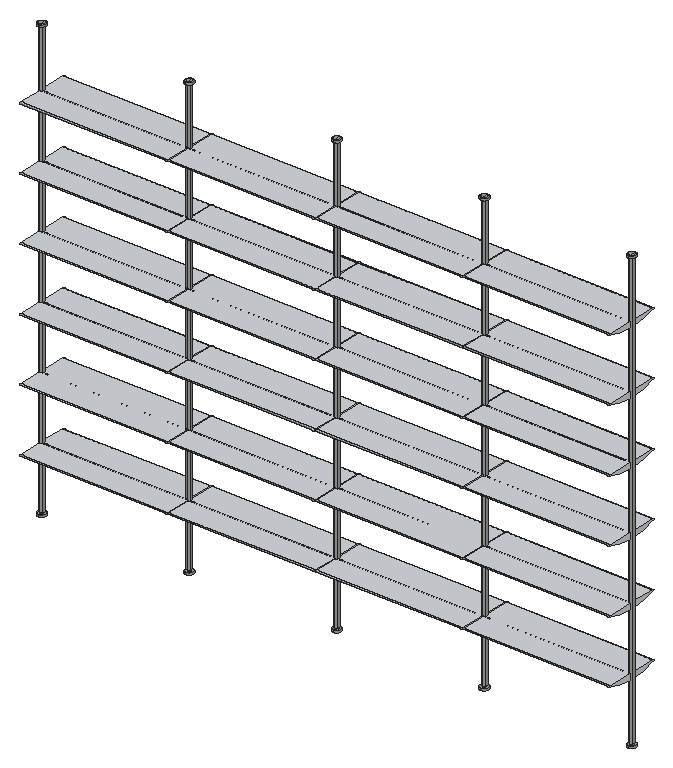
Revit family "Sailor_Composizione_3", category Arredi, Revit 2017
Family settings
  Numero OmniClass = 23.40.20.00
  Titolo OmniClass = General Furniture and Specialties
  Basato su piano di lavoro = No
  Sempre verticale = Sì
  Taglio con vuoti quando caricato = No
  Condiviso = No
  Punto di calcolo locali = No
Parameters
  VisibModulo4 = yes
  VisibModulo3 = yes
  VisibModulo2 = yes
  URL = "www.livingdivani.it"
  Produttore = "Living Divani"
  Modello = "Sailor"
  Lunghezza Modulo 3 = 900 mm
  Lunghezza Modulo 2 = 900 mm
  Lunghezza Modulo 4 = 900 mm
  Lunghezza Modulo 1 = 900 mm
Reference planes
  plane 1 "Centro (Fronte/Retro)": y = 0
  plane 2: z = 0
  plane 3 "Centro (Sinistra/Destra)": x = 0
Dimensions and locks
  aligned and locked: level to plane 2
  aligned and locked: nested 2 to nested 1
  aligned and locked: nested 3 to nested 2
  aligned and locked: nested 2 to nested 3
  aligned and locked: nested 4 to nested 3
  aligned and locked: nested 3 to nested 4
Nested families
  nested 1: "Sailor_Modulo_Base" at (0, 0, 0), LunghezzaRipiano <- "Lunghezza Modulo 1", type "Primo Modulo"
    with VisibRipiano6 yes, VisibRipiano5 yes, VisibRipiano4 yes, VisibRipiano3 yes, VisibRipiano2 yes, VisibRipiano1 yes, LunghezzaRipiano 900 mm
  nested 2: "Sailor_Modulo_Base" at (900, 0, 0), LunghezzaRipiano <- "Lunghezza Modulo 2", visible <- "VisibModulo2", type "Secondo Modulo"
    with VisibRipiano6 yes, VisibRipiano5 yes, VisibRipiano4 yes, VisibRipiano3 yes, VisibRipiano2 yes, VisibRipiano1 yes, LunghezzaRipiano 900 mm, PrimaAsta no
  nested 3: "Sailor_Modulo_Base" at (1800, 0, 0), LunghezzaRipiano <- "Lunghezza Modulo 3", visible <- "VisibModulo3", type "Terzo Modulo"
    with VisibRipiano6 yes, VisibRipiano5 yes, VisibRipiano4 yes, VisibRipiano3 yes, VisibRipiano2 yes, VisibRipiano1 yes, LunghezzaRipiano 900 mm, PrimaAsta no
  nested 4: "Sailor_Modulo_Base" at (2700, 0, 0), LunghezzaRipiano <- "Lunghezza Modulo 4", visible <- "VisibModulo4", type "Quarto Modulo"
    with VisibRipiano6 yes, VisibRipiano5 yes, VisibRipiano4 yes, VisibRipiano3 yes, VisibRipiano2 yes, VisibRipiano1 yes, LunghezzaRipiano 900 mm, PrimaAsta no
Definition of nested family "Sailor_Modulo_Base"
  Parameters (values of type "Sailor_Modulo_Base")
    VisibRipiano6 [instance] = yes
    VisibRipiano5 [instance] = yes
    VisibRipiano4 [instance] = yes
    VisibRipiano3 [instance] = yes
    VisibRipiano1 [instance] = yes
    VisibRipiano2 [instance] = yes
    Ripiano = none
    PrimaAsta = yes
    Aste = none
    LunghezzaRipiano [instance] = 750 mm
  Reference planes
    plane 1 "Centro (Fronte/Retro)": y = 0
    plane 2: z = 0
    plane 3 "Centro (Sinistra/Destra)": x = 0
    plane 4: y = 0
    plane 5 "Lunghezza Ripiano": x = 750
    plane 6 "primo ripiano": z = 383
    plane 7: y = 0
    plane 8: y = 0
    plane 9: y = 0
    plane 10: y = 0
    plane 11: y = 0
  Forms (mm)
    Extrusion 1, solid, material <- "Aste", visible <- "PrimaAsta"
      sketch origin (0, 0, 0) x (1, 0, 0) y (0, 1, 0)
        loop
          line (12.5, 7.217) -> (0, 14.434) -> (-12.5, 7.217) -> (-12.5, -7.217) -> (0, -14.434) -> (12.5, -7.217) -> (12.5, 7.217)
      from 20 to 2670
    Revolve 2, solid, material <- "Aste", visible <- "PrimaAsta"
      sketch origin (0, 0, 0) x (0, 1, 0) y (0, 0, 1)
        loop
          line (0, 20) -> (0, 0) -> (19, 0) -> (20.125, 2.25) -> (25, 2.25) -> (25, 9.915) -> (7.761, 9.915) -> (6.996, 12.974) -> (5, 12.974) -> (5, 14.189) -> (7.229, 20) -> (0, 20)
        axis (0, 0) -> (0, 20)
      angle from 0 to 360
    Revolve 3, solid, material <- "Aste", visible <- "PrimaAsta"
      sketch origin (0, 0, 2690) x (0, 1, 0) y (0, 0, -1)
        loop
          line (0, 20) -> (0, 0) -> (19, 0) -> (20.125, 2.25) -> (25, 2.25) -> (25, 9.915) -> (7.761, 9.915) -> (6.996, 12.974) -> (5, 12.974) -> (5, 14.189) -> (7.229, 20) -> (0, 20)
        axis (0, 0) -> (0, 20)
      angle from 0 to 360
    Extrusion 4, solid, material <- "Ripiano", visible <- "VisibRipiano1"
      sketch origin (0, -315.449, -968.719) x (0, 1, 0) y (0, 0, 1)
        loop
          arc (153.449, 1369.219) -> (150.496, 1366.748) -> (152.408, 1363.405) r 3
          arc (152.408, 1363.405) -> (315.449, 1334.219) -> (478.489, 1363.405) r 469.983
          arc (478.489, 1363.405) -> (480.402, 1366.748) -> (477.449, 1369.219) r 3
          line (477.449, 1369.219) -> (153.449, 1369.219)
        loop
          circle (315.449, 1351.719) r 8
      from 0 to 750 <- "LunghezzaRipiano"
    Extrusion 5, solid, visible <- "PrimaAsta", not visible
      sketch origin (0, 0, 0) x (1, 0, 0) y (0, 1, 0)
        loop
          line (12.5, 7.217) -> (0, 14.434) -> (-12.5, 7.217) -> (-12.5, -7.217) -> (0, -14.434) -> (12.5, -7.217) -> (12.5, 7.217)
      from 20 to 2670
    Revolve 6, solid, visible <- "PrimaAsta", not visible
      sketch origin (0, 0, 0) x (0, 1, 0) y (0, 0, 1)
        loop
          line (0, 20) -> (0, 0) -> (19, 0) -> (20.125, 2.25) -> (25, 2.25) -> (25, 9.915) -> (7.761, 9.915) -> (6.996, 12.974) -> (5, 12.974) -> (5, 14.189) -> (7.229, 20) -> (0, 20)
        axis (0, 0) -> (0, 20)
      angle from 0 to 360
    Revolve 7, solid, visible <- "PrimaAsta", not visible
      sketch origin (0, 0, 2690) x (0, 1, 0) y (0, 0, -1)
        loop
          line (0, 20) -> (0, 0) -> (19, 0) -> (20.125, 2.25) -> (25, 2.25) -> (25, 9.915) -> (7.761, 9.915) -> (6.996, 12.974) -> (5, 12.974) -> (5, 14.189) -> (7.229, 20) -> (0, 20)
        axis (0, 0) -> (0, 20)
      angle from 0 to 360
    Revolve 8, solid, material <- "Aste"
      sketch origin (750, 0, 0) x (0, 1, 0) y (0, 0, 1)
        loop
          line (0, 20) -> (0, 0) -> (19, 0) -> (20.125, 2.25) -> (25, 2.25) -> (25, 9.915) -> (7.761, 9.915) -> (6.996, 12.974) -> (5, 12.974) -> (5, 14.189) -> (7.229, 20) -> (0, 20)
        axis (0, 0) -> (0, 20)
      angle from 0 to 360
    Revolve 9, solid, material <- "Aste"
      sketch origin (750, 0, 2690) x (0, 1, 0) y (0, 0, -1)
        loop
          line (0, 20) -> (0, 0) -> (19, 0) -> (20.125, 2.25) -> (25, 2.25) -> (25, 9.915) -> (7.761, 9.915) -> (6.996, 12.974) -> (5, 12.974) -> (5, 14.189) -> (7.229, 20) -> (0, 20)
        axis (0, 0) -> (0, 20)
      angle from 0 to 360
    Extrusion 10, solid, material <- "Ripiano", visible <- "VisibRipiano2"
      sketch origin (0, -315.449, -583.719) x (0, 1, 0) y (0, 0, 1)
        loop
          arc (153.449, 1369.219) -> (150.496, 1366.748) -> (152.408, 1363.405) r 3
          arc (152.408, 1363.405) -> (315.449, 1334.219) -> (478.489, 1363.405) r 469.983
          arc (478.489, 1363.405) -> (480.402, 1366.748) -> (477.449, 1369.219) r 3
          line (477.449, 1369.219) -> (153.449, 1369.219)
        loop
          circle (315.449, 1351.719) r 8
      from 0 to 750 <- "LunghezzaRipiano"
    Extrusion 11, solid, material <- "Ripiano", visible <- "VisibRipiano3"
      sketch origin (0, -315.449, -198.719) x (0, 1, 0) y (0, 0, 1)
        loop
          arc (153.449, 1369.219) -> (150.496, 1366.748) -> (152.408, 1363.405) r 3
          arc (152.408, 1363.405) -> (315.449, 1334.219) -> (478.489, 1363.405) r 469.983
          arc (478.489, 1363.405) -> (480.402, 1366.748) -> (477.449, 1369.219) r 3
          line (477.449, 1369.219) -> (153.449, 1369.219)
        loop
          circle (315.449, 1351.719) r 8
      from 0 to 750 <- "LunghezzaRipiano"
    Extrusion 12, solid, material <- "Ripiano", visible <- "VisibRipiano4"
      sketch origin (0, -315.449, 186.281) x (0, 1, 0) y (0, 0, 1)
        loop
          arc (153.449, 1369.219) -> (150.496, 1366.748) -> (152.408, 1363.405) r 3
          arc (152.408, 1363.405) -> (315.449, 1334.219) -> (478.489, 1363.405) r 469.983
          arc (478.489, 1363.405) -> (480.402, 1366.748) -> (477.449, 1369.219) r 3
          line (477.449, 1369.219) -> (153.449, 1369.219)
        loop
          circle (315.449, 1351.719) r 8
      from 0 to 750 <- "LunghezzaRipiano"
    Extrusion 13, solid, material <- "Ripiano", visible <- "VisibRipiano5"
      sketch origin (0, -315.449, 571.281) x (0, 1, 0) y (0, 0, 1)
        loop
          arc (153.449, 1369.219) -> (150.496, 1366.748) -> (152.408, 1363.405) r 3
          arc (152.408, 1363.405) -> (315.449, 1334.219) -> (478.489, 1363.405) r 469.983
          arc (478.489, 1363.405) -> (480.402, 1366.748) -> (477.449, 1369.219) r 3
          line (477.449, 1369.219) -> (153.449, 1369.219)
        loop
          circle (315.449, 1351.719) r 8
      from 0 to 750 <- "LunghezzaRipiano"
    Extrusion 14, solid, material <- "Ripiano", visible <- "VisibRipiano6"
      sketch origin (0, -315.449, 956.281) x (0, 1, 0) y (0, 0, 1)
        loop
          arc (153.449, 1369.219) -> (150.496, 1366.748) -> (152.408, 1363.405) r 3
          arc (152.408, 1363.405) -> (315.449, 1334.219) -> (478.489, 1363.405) r 469.983
          arc (478.489, 1363.405) -> (480.402, 1366.748) -> (477.449, 1369.219) r 3
          line (477.449, 1369.219) -> (153.449, 1369.219)
        loop
          circle (315.449, 1351.719) r 8
      from 0 to 750 <- "LunghezzaRipiano"
    Extrusion 15, solid, material <- "Aste"
      sketch origin (750, 0, 0) x (-1, 0, 0) y (0, -1, 0)
        loop
          line (12.5, -7.217) -> (12.5, 7.217) -> (0, 14.434) -> (-12.5, 7.217) -> (-12.5, -7.217) -> (0, -14.434) -> (12.5, -7.217)
      from 20 to 2670
    Extrusion 16, void
      sketch origin (-112.713, -21.581, 0) x (1, 0, 0) y (0, 1, 0)
        loop
          line (112.713, 36.015) -> (112.713, 7.147) -> (125.213, 14.364) -> (125.213, 28.798) -> (112.713, 36.015)
      from 361.476 to 406.494
    Extrusion 17, void
      sketch origin (862.713, -21.581, 0) x (-1, 0, 0) y (0, -1, 0)
        loop
          line (112.713, -36.015) -> (125.213, -28.798) -> (125.213, -14.364) -> (112.713, -7.147) -> (112.713, -36.015)
      from 361.476 to 406.494
    Extrusion 18, void
      sketch origin (-112.713, -21.581, 385.443) x (0, -1, 0) y (1, 0, 0)
        loop
          line (-36.015, 112.713) -> (-7.147, 112.713) -> (-14.364, 125.213) -> (-28.798, 125.213) -> (-36.015, 112.713)
      from 361.476 to 406.494
    Extrusion 19, void
      sketch origin (862.713, -21.581, 385.443) x (0, 1, 0) y (-1, 0, 0)
        loop
          line (36.015, 112.713) -> (28.798, 125.213) -> (14.364, 125.213) -> (7.147, 112.713) -> (36.015, 112.713)
      from 361.476 to 406.494
    Extrusion 20, void
      sketch origin (-112.713, -21.581, 770.443) x (0, -1, 0) y (1, 0, 0)
        loop
          line (-36.015, 112.713) -> (-7.147, 112.713) -> (-14.364, 125.213) -> (-28.798, 125.213) -> (-36.015, 112.713)
      from 361.476 to 406.494
    Extrusion 21, void
      sketch origin (862.713, -21.581, 770.443) x (0, 1, 0) y (-1, 0, 0)
        loop
          line (36.015, 112.713) -> (28.798, 125.213) -> (14.364, 125.213) -> (7.147, 112.713) -> (36.015, 112.713)
      from 361.476 to 406.494
    Extrusion 22, void
      sketch origin (-112.713, -21.581, 1155.443) x (0, -1, 0) y (1, 0, 0)
        loop
          line (-36.015, 112.713) -> (-7.147, 112.713) -> (-14.364, 125.213) -> (-28.798, 125.213) -> (-36.015, 112.713)
      from 361.476 to 406.494
    Extrusion 23, void
      sketch origin (862.713, -21.581, 1155.443) x (0, 1, 0) y (-1, 0, 0)
        loop
          line (36.015, 112.713) -> (28.798, 125.213) -> (14.364, 125.213) -> (7.147, 112.713) -> (36.015, 112.713)
      from 361.476 to 406.494
    Extrusion 24, void
      sketch origin (-112.713, -21.581, 1540.443) x (0, -1, 0) y (1, 0, 0)
        loop
          line (-36.015, 112.713) -> (-7.147, 112.713) -> (-14.364, 125.213) -> (-28.798, 125.213) -> (-36.015, 112.713)
      from 361.476 to 406.494
    Extrusion 25, void
      sketch origin (862.713, -21.581, 1540.443) x (0, 1, 0) y (-1, 0, 0)
        loop
          line (36.015, 112.713) -> (28.798, 125.213) -> (14.364, 125.213) -> (7.147, 112.713) -> (36.015, 112.713)
      from 361.476 to 406.494
    Extrusion 26, void
      sketch origin (-112.713, -21.581, 1925.443) x (0, -1, 0) y (1, 0, 0)
        loop
          line (-36.015, 112.713) -> (-7.147, 112.713) -> (-14.364, 125.213) -> (-28.798, 125.213) -> (-36.015, 112.713)
      from 361.476 to 406.494
    Extrusion 27, void
      sketch origin (862.713, -21.581, 1925.443) x (0, 1, 0) y (-1, 0, 0)
        loop
          line (36.015, 112.713) -> (28.798, 125.213) -> (14.364, 125.213) -> (7.147, 112.713) -> (36.015, 112.713)
      from 361.476 to 406.494
  Cuts and joins
    Extrusion 16, Extrusion 17, Extrusion 18, Extrusion 19 cuts Extrusion 4
    Extrusion 16, Extrusion 17, Extrusion 26, Extrusion 27 cuts Extrusion 14
    Extrusion 17 cuts Extrusion 1
    Extrusion 18, Extrusion 19, Extrusion 20 cuts Extrusion 10
    Extrusion 20, Extrusion 21, Extrusion 22 cuts Extrusion 11
    Extrusion 22, Extrusion 23, Extrusion 24 cuts Extrusion 12
    Extrusion 24, Extrusion 25, Extrusion 26 cuts Extrusion 13
  Dimensions and locks
    equal spacing: Extrusion 4 sketch curve, plane 4, Extrusion 4 sketch curve, locked at 165 each
    "LunghezzaRipiano": plane 3 "Centro (Sinistra/Destra)" to plane 5 "Lunghezza Ripiano"
    plane 6 "primo ripiano" to level = 383 mm
    equal spacing: Extrusion 10 sketch curve, plane 7, Extrusion 10 sketch curve, locked at 165 each
    Extrusion 10 to plane 6 "primo ripiano" = 385 mm
    equal spacing: Extrusion 11 sketch curve, plane 8, Extrusion 11 sketch curve, locked at 165 each
    equal spacing: Extrusion 12 sketch curve, plane 9, Extrusion 12 sketch curve, locked at 165 each
    equal spacing: Extrusion 13 sketch curve, plane 10, Extrusion 13 sketch curve, locked at 165 each
    equal spacing: Extrusion 14 sketch curve, plane 11, Extrusion 14 sketch curve, locked at 165 each
    aligned and locked: level to plane 2
    aligned and locked: Extrusion 1 to Revolve 2
    aligned and locked: Extrusion 1 to Revolve 3
    aligned and locked: plane 4 to plane 1 "Centro (Fronte/Retro)"
    aligned and locked: plane 5 "Lunghezza Ripiano" to Revolve 9
    aligned and locked: plane 6 "primo ripiano" to Extrusion 4
    aligned and locked: Extrusion 15 to plane 5 "Lunghezza Ripiano"
    aligned and locked: cut or joined group of Extrusion 14, Extrusion 16, Extrusion 17, Extrusion 26, Extrusion 27 to cut or joined group of Extrusion 4, Extrusion 16, Extrusion 17, Extrusion 18, Extrusion 19  (x2)
    aligned and locked: plane 5 "Lunghezza Ripiano" to Revolve 8
  Automatic sketch dimensions
    Extrusion 5 sketch curve to Extrusion 5 sketch curve = 7.217 mm  (x4)
    Revolve 6 sketch curve to Revolve 6 sketch curve = 1.996 mm
    Revolve 6 sketch curve to Revolve 6 sketch curve = 2.229 mm
    Revolve 6 sketch curve to Revolve 6 sketch curve = 0.765 mm
    Revolve 6 sketch curve to Revolve 6 sketch curve = 11.239 mm
    Revolve 6 sketch curve to Revolve 6 sketch curve = 1.125 mm
    Revolve 6 sketch curve to Revolve 6 sketch curve = 4.875 mm
    Revolve 6 sketch curve to Revolve 6 sketch curve = 3.059 mm
    Revolve 6 sketch curve to Revolve 6 sketch curve = 1.216 mm
    Revolve 6 sketch curve to Revolve 6 sketch curve = 5.811 mm
    Revolve 6 sketch curve to Revolve 6 sketch curve = 2780 mm
    Revolve 7 sketch curve to Revolve 7 sketch curve = 1.996 mm
    Revolve 7 sketch curve to Revolve 7 sketch curve = 2.229 mm
    Revolve 7 sketch curve to Revolve 7 sketch curve = 0.765 mm
    Revolve 7 sketch curve to Revolve 7 sketch curve = 11.239 mm
    Revolve 7 sketch curve to Revolve 7 sketch curve = 1.125 mm
    Revolve 7 sketch curve to Revolve 7 sketch curve = 4.875 mm
    Revolve 7 sketch curve to Revolve 7 sketch curve = 2.25 mm
    Revolve 7 sketch curve to Revolve 7 sketch curve = 9.915 mm
    Revolve 7 sketch curve to Revolve 7 sketch curve = 3.059 mm
    Revolve 7 sketch curve to Revolve 7 sketch curve = 1.216 mm
    Revolve 7 sketch curve to Revolve 7 sketch curve = 5.811 mm
    Revolve 7 sketch curve to Revolve 7 sketch curve = 0 mm  (x2)
    Extrusion 5 sketch curve to Extrusion 5 sketch curve = 12.5 mm  (x3)
    Extrusion 5 sketch curve to Extrusion 5 sketch curve = 14.434 mm
    Revolve 6 sketch curve to Revolve 6 sketch curve = 5 mm
    Revolve 6 sketch curve to Revolve 6 sketch curve = 2.25 mm
    Revolve 6 sketch curve to Revolve 6 sketch curve = 9.915 mm
    Revolve 6 sketch curve to Revolve 6 sketch curve = 0 mm  (x2)
    Revolve 7 sketch curve to Revolve 7 sketch curve = 5 mm
    Revolve 7 sketch curve to Revolve 7 sketch curve = 2780 mm
    Extrusion 1 sketch curve to plane 3 "Centro (Sinistra/Destra)" = 0 mm  (x2)
    Extrusion 1 sketch curve to plane 3 "Centro (Sinistra/Destra)" = 12.5 mm
    plane 3 "Centro (Sinistra/Destra)" to Extrusion 1 sketch curve = 12.5 mm
    plane 1 "Centro (Fronte/Retro)" to Extrusion 1 sketch curve = 14.434 mm
    plane 1 "Centro (Fronte/Retro)" to Extrusion 1 sketch curve = 7.217 mm  (x2)
    Extrusion 1 sketch curve to plane 1 "Centro (Fronte/Retro)" = 7.217 mm  (x2)
    Extrusion 1 sketch curve to Extrusion 1 sketch curve = 7.217 mm
    Revolve 2 sketch curve to level = 0 mm  (x2)
    Revolve 2 sketch curve to plane 1 "Centro (Fronte/Retro)" = 0 mm  (x2)
    Revolve 2 sketch curve to plane 1 "Centro (Fronte/Retro)" = 5 mm
    Revolve 2 sketch curve to Revolve 2 sketch curve = 1.996 mm
    Revolve 2 sketch curve to Revolve 2 sketch curve = 2.229 mm
    Revolve 2 sketch curve to Revolve 2 sketch curve = 0.765 mm
    Revolve 2 sketch curve to Revolve 2 sketch curve = 11.239 mm
    level to Revolve 2 sketch curve = 2.25 mm
    Revolve 2 sketch curve to Revolve 2 sketch curve = 1.125 mm
    Revolve 2 sketch curve to Revolve 2 sketch curve = 4.875 mm
    level to Revolve 2 sketch curve = 9.915 mm
    Revolve 2 sketch curve to Revolve 2 sketch curve = 3.059 mm
    Revolve 2 sketch curve to Revolve 2 sketch curve = 1.216 mm
    Revolve 2 sketch curve to Revolve 2 sketch curve = 5.811 mm
    plane 6 "primo ripiano" to Revolve 2 sketch curve = 2417 mm
    Revolve 3 sketch curve to plane 1 "Centro (Fronte/Retro)" = 0 mm  (x2)
    plane 1 "Centro (Fronte/Retro)" to Revolve 3 sketch curve = 5 mm
    Revolve 3 sketch curve to Revolve 3 sketch curve = 1.996 mm
    Revolve 3 sketch curve to Revolve 3 sketch curve = 2.229 mm
    Revolve 3 sketch curve to Revolve 3 sketch curve = 0.765 mm
    Revolve 3 sketch curve to Revolve 3 sketch curve = 11.239 mm
    Revolve 3 sketch curve to Revolve 3 sketch curve = 1.125 mm
    Revolve 3 sketch curve to Revolve 3 sketch curve = 4.875 mm
    Revolve 3 sketch curve to plane 6 "primo ripiano" = 2307 mm
    Revolve 3 sketch curve to Revolve 3 sketch curve = 2.25 mm
    Revolve 3 sketch curve to Revolve 3 sketch curve = 9.915 mm
    Revolve 3 sketch curve to Revolve 3 sketch curve = 3.059 mm
    Revolve 3 sketch curve to Revolve 3 sketch curve = 1.216 mm
    Revolve 3 sketch curve to Revolve 3 sketch curve = 5.811 mm
    Revolve 3 sketch curve to Revolve 3 sketch curve = 0 mm
    level to Revolve 3 sketch curve = 110 mm
    Extrusion 4 sketch curve to plane 1 "Centro (Fronte/Retro)" = 0 mm  (x2)
    Extrusion 4 sketch curve to plane 6 "primo ripiano" = 0 mm
    plane 6 "primo ripiano" to Extrusion 4 sketch curve = 17.5 mm
    plane 1 "Centro (Fronte/Retro)" to Extrusion 4 sketch curve = 162 mm
    Extrusion 4 sketch curve to plane 1 "Centro (Fronte/Retro)" = 162 mm
    Extrusion 4 sketch curve to Extrusion 4 sketch curve = 3 mm
    Extrusion 4 sketch curve to Extrusion 4 sketch curve = 452.483 mm
    Extrusion 4 sketch curve to Extrusion 4 sketch curve = 0 mm
    Revolve 8 sketch curve to level = 0 mm  (x2)
    Revolve 8 sketch curve to plane 1 "Centro (Fronte/Retro)" = 0 mm  (x2)
    Revolve 8 sketch curve to plane 1 "Centro (Fronte/Retro)" = 5 mm
    Revolve 8 sketch curve to Revolve 8 sketch curve = 1.996 mm
    Revolve 8 sketch curve to Revolve 8 sketch curve = 2.229 mm
    Revolve 8 sketch curve to Revolve 8 sketch curve = 0.765 mm
    Revolve 8 sketch curve to Revolve 8 sketch curve = 11.239 mm
    level to Revolve 8 sketch curve = 2.25 mm
    Revolve 8 sketch curve to Revolve 8 sketch curve = 1.125 mm
    Revolve 8 sketch curve to Revolve 8 sketch curve = 4.875 mm
    level to Revolve 8 sketch curve = 9.915 mm
    Revolve 8 sketch curve to Revolve 8 sketch curve = 3.059 mm
    Revolve 8 sketch curve to Revolve 8 sketch curve = 1.216 mm
    Revolve 8 sketch curve to Revolve 8 sketch curve = 5.811 mm
    plane 6 "primo ripiano" to Revolve 8 sketch curve = 2417 mm
    Revolve 9 sketch curve to plane 1 "Centro (Fronte/Retro)" = 0 mm  (x2)
    plane 1 "Centro (Fronte/Retro)" to Revolve 9 sketch curve = 5 mm
    Revolve 9 sketch curve to Revolve 9 sketch curve = 1.996 mm
    Revolve 9 sketch curve to Revolve 9 sketch curve = 2.229 mm
    Revolve 9 sketch curve to Revolve 9 sketch curve = 0.765 mm
    Revolve 9 sketch curve to Revolve 9 sketch curve = 11.239 mm
    Revolve 9 sketch curve to Revolve 9 sketch curve = 1.125 mm
    Revolve 9 sketch curve to Revolve 9 sketch curve = 4.875 mm
    Revolve 9 sketch curve to plane 6 "primo ripiano" = 2307 mm
    Revolve 9 sketch curve to Revolve 9 sketch curve = 2.25 mm
    Revolve 9 sketch curve to Revolve 9 sketch curve = 9.915 mm
    Revolve 9 sketch curve to Revolve 9 sketch curve = 3.059 mm
    Revolve 9 sketch curve to Revolve 9 sketch curve = 1.216 mm
    Revolve 9 sketch curve to Revolve 9 sketch curve = 5.811 mm
    Revolve 9 sketch curve to Revolve 9 sketch curve = 0 mm
    level to Revolve 9 sketch curve = 110 mm
    Extrusion 10 sketch curve to plane 1 "Centro (Fronte/Retro)" = 0 mm  (x2)
    plane 1 "Centro (Fronte/Retro)" to Extrusion 10 sketch curve = 162 mm
    Extrusion 10 sketch curve to plane 1 "Centro (Fronte/Retro)" = 162 mm
    plane 6 "primo ripiano" to Extrusion 10 sketch curve = 385 mm
    Extrusion 10 sketch curve to Extrusion 10 sketch curve = 14.5 mm
    Extrusion 10 sketch curve to Extrusion 10 sketch curve = 3 mm
    Extrusion 10 sketch curve to Extrusion 10 sketch curve = 452.483 mm
    Extrusion 10 sketch curve to Extrusion 10 sketch curve = 0 mm
    Extrusion 11 sketch curve to plane 1 "Centro (Fronte/Retro)" = 0 mm  (x2)
    plane 1 "Centro (Fronte/Retro)" to Extrusion 11 sketch curve = 162 mm
    Extrusion 11 sketch curve to plane 1 "Centro (Fronte/Retro)" = 162 mm
    plane 6 "primo ripiano" to Extrusion 11 sketch curve = 770 mm
    Extrusion 11 sketch curve to Extrusion 11 sketch curve = 14.5 mm
    Extrusion 11 sketch curve to Extrusion 11 sketch curve = 3 mm
    Extrusion 11 sketch curve to Extrusion 11 sketch curve = 452.483 mm
    Extrusion 11 sketch curve to Extrusion 11 sketch curve = 0 mm
    Extrusion 12 sketch curve to plane 1 "Centro (Fronte/Retro)" = 0 mm  (x2)
    plane 1 "Centro (Fronte/Retro)" to Extrusion 12 sketch curve = 162 mm
    Extrusion 12 sketch curve to plane 1 "Centro (Fronte/Retro)" = 162 mm
    plane 6 "primo ripiano" to Extrusion 12 sketch curve = 1155 mm
    Extrusion 12 sketch curve to Extrusion 12 sketch curve = 14.5 mm
    Extrusion 12 sketch curve to Extrusion 12 sketch curve = 3 mm
    Extrusion 12 sketch curve to Extrusion 12 sketch curve = 452.483 mm
    Extrusion 12 sketch curve to Extrusion 12 sketch curve = 0 mm
    Extrusion 13 sketch curve to plane 1 "Centro (Fronte/Retro)" = 0 mm  (x2)
    plane 1 "Centro (Fronte/Retro)" to Extrusion 13 sketch curve = 162 mm
    Extrusion 13 sketch curve to plane 1 "Centro (Fronte/Retro)" = 162 mm
    plane 6 "primo ripiano" to Extrusion 13 sketch curve = 1540 mm
    Extrusion 13 sketch curve to Extrusion 13 sketch curve = 14.5 mm
    Extrusion 13 sketch curve to Extrusion 13 sketch curve = 3 mm
    Extrusion 13 sketch curve to Extrusion 13 sketch curve = 452.483 mm
    Extrusion 13 sketch curve to Extrusion 13 sketch curve = 0 mm
    Extrusion 14 sketch curve to plane 1 "Centro (Fronte/Retro)" = 0 mm  (x2)
    plane 1 "Centro (Fronte/Retro)" to Extrusion 14 sketch curve = 162 mm
    Extrusion 14 sketch curve to plane 1 "Centro (Fronte/Retro)" = 162 mm
    plane 6 "primo ripiano" to Extrusion 14 sketch curve = 1925 mm
    Extrusion 14 sketch curve to Extrusion 14 sketch curve = 14.5 mm
    Extrusion 14 sketch curve to Extrusion 14 sketch curve = 3 mm
    Extrusion 14 sketch curve to Extrusion 14 sketch curve = 452.483 mm
    Extrusion 14 sketch curve to Extrusion 14 sketch curve = 0 mm
    Extrusion 15 sketch curve to plane 5 "Lunghezza Ripiano" = 0 mm  (x2)
    plane 5 "Lunghezza Ripiano" to Extrusion 15 sketch curve = 12.5 mm
    Extrusion 15 sketch curve to plane 5 "Lunghezza Ripiano" = 12.5 mm
    Extrusion 15 sketch curve to plane 1 "Centro (Fronte/Retro)" = 14.434 mm
    Extrusion 15 sketch curve to plane 1 "Centro (Fronte/Retro)" = 7.217 mm  (x2)
    plane 1 "Centro (Fronte/Retro)" to Extrusion 15 sketch curve = 7.217 mm  (x2)
    Extrusion 15 sketch curve to Extrusion 15 sketch curve = 7.217 mm
    Extrusion 16 sketch curve to plane 3 "Centro (Sinistra/Destra)" = 0 mm
    plane 3 "Centro (Sinistra/Destra)" to Extrusion 16 sketch curve = 12.5 mm
    plane 1 "Centro (Fronte/Retro)" to Extrusion 16 sketch curve = 14.434 mm
    plane 1 "Centro (Fronte/Retro)" to Extrusion 16 sketch curve = 7.217 mm
    Extrusion 16 sketch curve to plane 1 "Centro (Fronte/Retro)" = 7.217 mm
    Extrusion 16 sketch curve to Extrusion 16 sketch curve = 7.217 mm
    plane 5 "Lunghezza Ripiano" to Extrusion 17 sketch curve = 0 mm
    plane 5 "Lunghezza Ripiano" to Extrusion 17 sketch curve = 12.5 mm
    Extrusion 17 sketch curve to plane 1 "Centro (Fronte/Retro)" = 14.434 mm
    Extrusion 17 sketch curve to plane 1 "Centro (Fronte/Retro)" = 7.217 mm
    plane 1 "Centro (Fronte/Retro)" to Extrusion 17 sketch curve = 7.217 mm
    plane 1 "Centro (Fronte/Retro)" to Extrusion 17 sketch curve = 14.434 mm
    Extrusion 18 sketch curve to plane 3 "Centro (Sinistra/Destra)" = 0 mm
    Extrusion 18 sketch curve to plane 1 "Centro (Fronte/Retro)" = 14.434 mm
    Extrusion 18 sketch curve to plane 1 "Centro (Fronte/Retro)" = 7.217 mm
    plane 1 "Centro (Fronte/Retro)" to Extrusion 18 sketch curve = 7.217 mm
    Extrusion 18 sketch curve to Extrusion 18 sketch curve = 7.217 mm
    plane 3 "Centro (Sinistra/Destra)" to Extrusion 18 sketch curve = 12.5 mm
    Extrusion 19 sketch curve to plane 5 "Lunghezza Ripiano" = 0 mm
    plane 1 "Centro (Fronte/Retro)" to Extrusion 19 sketch curve = 14.434 mm
    plane 1 "Centro (Fronte/Retro)" to Extrusion 19 sketch curve = 7.217 mm
    Extrusion 19 sketch curve to plane 1 "Centro (Fronte/Retro)" = 7.217 mm
    Extrusion 19 sketch curve to plane 1 "Centro (Fronte/Retro)" = 14.434 mm
    Extrusion 19 sketch curve to plane 5 "Lunghezza Ripiano" = 12.5 mm
    Extrusion 20 sketch curve to plane 3 "Centro (Sinistra/Destra)" = 0 mm
    Extrusion 20 sketch curve to plane 1 "Centro (Fronte/Retro)" = 14.434 mm
    Extrusion 20 sketch curve to plane 1 "Centro (Fronte/Retro)" = 7.217 mm
    plane 1 "Centro (Fronte/Retro)" to Extrusion 20 sketch curve = 7.217 mm
    Extrusion 20 sketch curve to Extrusion 20 sketch curve = 7.217 mm
    plane 3 "Centro (Sinistra/Destra)" to Extrusion 20 sketch curve = 12.5 mm
    Extrusion 21 sketch curve to plane 5 "Lunghezza Ripiano" = 0 mm
    plane 1 "Centro (Fronte/Retro)" to Extrusion 21 sketch curve = 14.434 mm
    plane 1 "Centro (Fronte/Retro)" to Extrusion 21 sketch curve = 7.217 mm
    Extrusion 21 sketch curve to plane 1 "Centro (Fronte/Retro)" = 7.217 mm
    Extrusion 21 sketch curve to plane 1 "Centro (Fronte/Retro)" = 14.434 mm
    Extrusion 21 sketch curve to plane 5 "Lunghezza Ripiano" = 12.5 mm
    Extrusion 22 sketch curve to plane 3 "Centro (Sinistra/Destra)" = 0 mm
    Extrusion 22 sketch curve to plane 1 "Centro (Fronte/Retro)" = 14.434 mm
    Extrusion 22 sketch curve to plane 1 "Centro (Fronte/Retro)" = 7.217 mm
    plane 1 "Centro (Fronte/Retro)" to Extrusion 22 sketch curve = 7.217 mm
    Extrusion 22 sketch curve to Extrusion 22 sketch curve = 7.217 mm
    plane 3 "Centro (Sinistra/Destra)" to Extrusion 22 sketch curve = 12.5 mm
    Extrusion 23 sketch curve to plane 5 "Lunghezza Ripiano" = 0 mm
    plane 1 "Centro (Fronte/Retro)" to Extrusion 23 sketch curve = 14.434 mm
    plane 1 "Centro (Fronte/Retro)" to Extrusion 23 sketch curve = 7.217 mm
    Extrusion 23 sketch curve to plane 1 "Centro (Fronte/Retro)" = 7.217 mm
    Extrusion 23 sketch curve to plane 1 "Centro (Fronte/Retro)" = 14.434 mm
    Extrusion 23 sketch curve to plane 5 "Lunghezza Ripiano" = 12.5 mm
    Extrusion 24 sketch curve to plane 3 "Centro (Sinistra/Destra)" = 0 mm
    Extrusion 24 sketch curve to plane 1 "Centro (Fronte/Retro)" = 14.434 mm
    Extrusion 24 sketch curve to plane 1 "Centro (Fronte/Retro)" = 7.217 mm
    plane 1 "Centro (Fronte/Retro)" to Extrusion 24 sketch curve = 7.217 mm
    Extrusion 24 sketch curve to Extrusion 24 sketch curve = 7.217 mm
    plane 3 "Centro (Sinistra/Destra)" to Extrusion 24 sketch curve = 12.5 mm
    Extrusion 25 sketch curve to plane 5 "Lunghezza Ripiano" = 0 mm
    plane 1 "Centro (Fronte/Retro)" to Extrusion 25 sketch curve = 14.434 mm
    plane 1 "Centro (Fronte/Retro)" to Extrusion 25 sketch curve = 7.217 mm
    Extrusion 25 sketch curve to plane 1 "Centro (Fronte/Retro)" = 7.217 mm
    Extrusion 25 sketch curve to plane 1 "Centro (Fronte/Retro)" = 14.434 mm
    Extrusion 25 sketch curve to plane 5 "Lunghezza Ripiano" = 12.5 mm
    Extrusion 26 sketch curve to plane 3 "Centro (Sinistra/Destra)" = 0 mm
    Extrusion 26 sketch curve to plane 1 "Centro (Fronte/Retro)" = 14.434 mm
    Extrusion 26 sketch curve to plane 1 "Centro (Fronte/Retro)" = 7.217 mm
    plane 1 "Centro (Fronte/Retro)" to Extrusion 26 sketch curve = 7.217 mm
    Extrusion 26 sketch curve to Extrusion 26 sketch curve = 7.217 mm
    plane 3 "Centro (Sinistra/Destra)" to Extrusion 26 sketch curve = 12.5 mm
    Extrusion 27 sketch curve to plane 5 "Lunghezza Ripiano" = 0 mm
    plane 1 "Centro (Fronte/Retro)" to Extrusion 27 sketch curve = 14.434 mm
    plane 1 "Centro (Fronte/Retro)" to Extrusion 27 sketch curve = 7.217 mm
    Extrusion 27 sketch curve to plane 1 "Centro (Fronte/Retro)" = 7.217 mm
    Extrusion 27 sketch curve to plane 1 "Centro (Fronte/Retro)" = 14.434 mm
    Extrusion 27 sketch curve to plane 5 "Lunghezza Ripiano" = 12.5 mm
    radius of Extrusion 4 sketch curve = 8 mm
    radius of Extrusion 10 sketch curve = 8 mm
    radius of Extrusion 11 sketch curve = 8 mm
    radius of Extrusion 12 sketch curve = 8 mm
    radius of Extrusion 13 sketch curve = 8 mm
    radius of Extrusion 14 sketch curve = 8 mm
